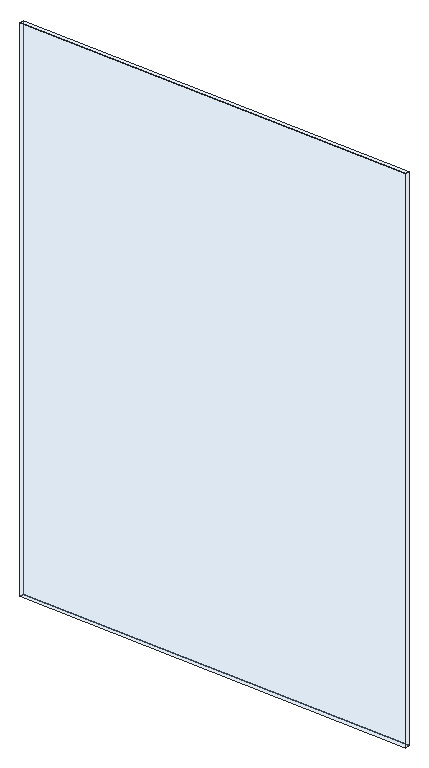
Revit family "Simple Curtain Panel Placeholder_content", category Curtain Panels, Revit 2024
Family settings
  OmniClass Number = 23.25.20.14.11.11.17
  OmniClass Title = Infill Panels
  Always vertical = Yes
  Cut with Voids When Loaded = No
  Shared = No
Parameters
  CWPL_$Width [instance] = 3000 mm
  CWPL_$Height [instance] = 4000 mm
Reference planes
  plane 1 "Center (Front/Back)": y = 0
  plane 2: z = 0
  plane 3 "Center (Left/Right)": x = 0
  plane 4 "Left": x = -1500
  plane 5 "Right": x = 1500
  plane 6 "Top": z = 4000
Text (mm)
  text "Exterior" at (-2351.972, 1416.179, 0), in view "Ref. Level"
  text "Exterior" at (0, 2290.741, 4406.713), in view "Left"
  text "Exterior" at (0, 1328.187, 4120.349), in view "Right"
Dimensions and locks
  equal spacing: plane 4 "Left", plane 3 "Center (Left/Right)", plane 5 "Right"
  "CWPL_$Width": plane 4 "Left" to plane 5 "Right"
  "CWPL_$Height": plane 2 to plane 6 "Top"
  aligned and locked: level to plane 2
  aligned and locked: nested 1 to plane 1 "Center (Front/Back)"
  aligned and locked: plane 5 "Right" to nested 1
Nested families
  nested 1: "Panel" at (1500, 0, 0) x (-1, 0, 0) z (0, 0, 1), H <- "CWPL_$Height", W <- "CWPL_$Width", type "Panel"
    with W 3000 mm, H 4000 mm
Definition of nested family "Panel"
  Parameters (values of type "Panel")
    W [instance] = 1500 mm
    H [instance] = 4500 mm
    Default Elevation = 1219.2 mm
  Reference planes
    plane 1 "Center (Front/Back)": y = 0
    plane 2: z = 0
    plane 3 "Center (Left/Right)": x = 0
    plane 4: x = 1500
    plane 5: z = 4500
  Forms (mm)
    Sweep 1, solid
      path in 3D
        loop
          line (0, 0, 0) -> (1500, 0, 0)
      profile "Glass Profile : Glass Profile" origin (750, 0, 0) x (0, 1, 0) y (0, 0, 1)
        loop
          line (0, 4500) -> (0, 0) -> (40, 0) -> (40, 4500) -> (0, 4500)
  Lines and regions (mm)
    model lines
      curve 1: line (298.666, 0, 2204.722) -> (1298.666, 0, 2204.722)
      curve 2: line (1298.666, 0, 2204.722) -> (1015.823, 0, 2487.565)
    reference lines
      curve 3: line (0, 0, 0) -> (1500, 0, 0)
    sketch lines
      curve 4: line (0, 0, 0) -> (1500, 0, 0)
  Dimensions and locks
    "W": plane 4 to plane 3 "Center (Left/Right)"
    "H": plane 2 to plane 5
    aligned and locked: level to plane 2
    aligned and locked: plane 4 to curve 3
    aligned and locked: plane 3 "Center (Left/Right)" to curve 3
    aligned and locked: plane 1 "Center (Front/Back)" to curve 3
  Automatic sketch dimensions
    plane 3 "Center (Left/Right)" to curve 1 = 298.666 mm
    curve 1 to plane 4 = 201.334 mm
    level to curve 1 = 2204.722 mm
    curve 2 to curve 1 = 282.843 mm
    curve 2 to curve 2 = 282.843 mm
